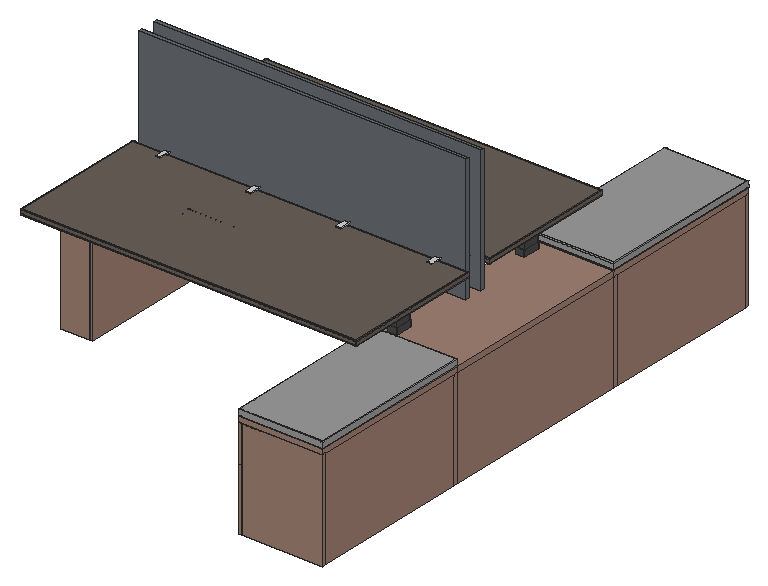
Revit family "OFS TYPICAL S200133", category Furniture, Revit 2022 (continued)
Definition of nested family "OFS ELEMENT OPEN L DESK LEFT AND RIGHT 84in Width 60in Return"
  Forms (in)
    Extrusion 6, solid, material <- "Standoffs Material", visible <- "Left Return Desk Option"
      sketch origin (66.75, 0, 0) x (1, 0, 0) y (0, 1, 0)
        loop
          circle (-27.375, 10.04085) r 0.625
      from 40.5 to 43.875
    Extrusion 7, solid, material <- "Standoffs Material", visible <- "Left Return Desk Option"
      sketch origin (66.75, -4.75, 0) x (1, 0, 0) y (0, 1, 0)
        loop
          circle (-27.375, 10.04085) r 0.625
      from 40.5 to 43.875
    Extrusion 8, solid, material <- "Chassis Material", visible <- "Left Return Desk Option"
      sketch origin (0, 0, 0) x (1, 0, 0) y (0, 1, 0)
        loop
          line (-42, -17.15625) -> (-42, -77.15625) -> (-20, -77.15625) -> (-20, -75.96875) -> (-40.8125, -75.96875) -> (-40.8125, -18.34375) -> (-20, -18.34375) -> (-20, -17.15625) -> (-42, -17.15625)
      from 0 to 40.5
    Extrusion 9, solid, material <- "Worksurface Material", visible <- "Left Return Desk Option"
      sketch origin (14.83926, -32.43958, 0) x (1, 0, 0) y (0, 1, 0)
        loop
          line (-55.65176, 14.09583) -> (-55.65176, -43.52917) -> (-34.83926, -43.52917) -> (-34.83926, 14.09583) -> (-55.65176, 14.09583)
      from 28.5 to 29.5
    Extrusion 10, solid, material <- "Desk Overlay Material", visible <- "Left Desk Overlay"
      sketch origin (0, 0, 0) x (1, 0, 0) y (0, 0, 1)
        loop
          line (35.5, 34) -> (6.5, 34) -> (6.5, 6.5) -> (35.5, 6.5) -> (35.5, 34)
      from -12.96875 to -12.84375
    Extrusion 11, solid, material <- "Chassis Material", visible <- "Left Return Desk Option"
      sketch origin (-18.5848, -3.95032, 0) x (1, 0, 0) y (0, 1, 0)
        loop
          line (19.7723, 15.60657) -> (18.5848, 15.60657) -> (18.5848, 3.95032) -> (19.7723, 3.95032) -> (19.7723, 15.60657)
      from 0 to 28.5
    Extrusion 12, solid, material <- "Paper Organizer Material", visible <- "Left Return Desk Option"
      sketch origin (0, 0, 0) x (1, 0, 0) y (0, 1, 0)
        loop
          line (-28.0625, -19.09375) -> (-28.0625, -18.34375) -> (-40.8125, -18.34375) -> (-40.8125, -75.96875) -> (-28.0625, -75.96875) -> (-28.0625, -75.21875) -> (-40.0625, -75.21875) -> (-40.0625, -19.09375) -> (-28.0625, -19.09375)
      from 34.125 to 40.5
    Extrusion 13, solid, material <- "Paper Organizer Material", visible <- "Left Return Desk Option"
      sketch origin (0, 0, 0) x (1, 0, 0) y (0, 1, 0)
        loop
          line (-40.8125, -18.34375) -> (-40.8125, -75.96875) -> (-28.0625, -75.96875) -> (-28.0625, -18.34375) -> (-40.8125, -18.34375)
      from 39.75 to 40.5
    Extrusion 14, solid, material <- "Paper Organizer Material", visible <- "Left Return Desk Option"
      sketch origin (0, 0, 0) x (1, 0, 0) y (0, 1, 0)
        loop
          line (-40.8125, -18.34375) -> (-40.8125, -75.96875) -> (-28.0625, -75.96875) -> (-28.0625, -18.34375) -> (-40.8125, -18.34375)
      from 34.125 to 34.875
    Extrusion 15, solid, material <- "Paper Organizer Material", visible <- "Left Return Desk Option"
      sketch origin (0, 0, 0) x (1, 0, 0) y (0, 1, 0)
        loop
          line (-40.0625, -32.625) -> (-40.0625, -32.875) -> (-28.8125, -32.875) -> (-28.8125, -32.625) -> (-40.0625, -32.625)
      from 34.875 to 39.75
    Extrusion 16, solid, material <- "Paper Organizer Material", visible <- "Left Return Desk Option"
      sketch origin (0, -11.40625, 0) x (1, 0, 0) y (0, 1, 0)
        loop
          line (-40.0625, -35.625) -> (-40.0625, -35.875) -> (-28.8125, -35.875) -> (-28.8125, -35.625) -> (-40.0625, -35.625)
      from 34.875 to 39.75
    Extrusion 17, solid, material <- "Paper Organizer Material", visible <- "Left Return Desk Option"
      sketch origin (0, -22.8125, 0) x (1, 0, 0) y (0, 1, 0)
        loop
          line (-40.0625, -38.625) -> (-40.0625, -38.875) -> (-28.8125, -38.875) -> (-28.8125, -38.625) -> (-40.0625, -38.625)
      from 34.875 to 39.75
    Extrusion 18, solid, material <- "Chassis Material", visible <- "Right Return Desk Option"
      sketch origin (0, 0, 0) x (-1, 0, 0) y (0, -1, 0)
        loop
          line (-42, 17.15625) -> (-20, 17.15625) -> (-20, 18.34375) -> (-40.8125, 18.34375) -> (-40.8125, 75.96875) -> (-20, 75.96875) -> (-20, 77.15625) -> (-42, 77.15625) -> (-42, 17.15625)
      from 0 to 40.5
    Extrusion 19, solid, material <- "Worksurface Material", visible <- "Right Return Desk Option"
      sketch origin (-14.83926, -32.43958, 0) x (-1, 0, 0) y (0, -1, 0)
        loop
          line (-55.65176, -14.09583) -> (-34.83926, -14.09583) -> (-34.83926, 43.52917) -> (-55.65176, 43.52917) -> (-55.65176, -14.09583)
      from 28.5 to 29.5
    Extrusion 20, solid, material <- "Paper Organizer Material", visible <- "Right Return Desk Option"
      sketch origin (0, 0, 0) x (-1, 0, 0) y (0, -1, 0)
        loop
          line (-28.0625, 19.09375) -> (-40.0625, 19.09375) -> (-40.0625, 75.21875) -> (-28.0625, 75.21875) -> (-28.0625, 75.96875) -> (-40.8125, 75.96875) -> (-40.8125, 18.34375) -> (-28.0625, 18.34375) -> (-28.0625, 19.09375)
      from 34.125 to 40.5
    Extrusion 21, solid, material <- "Paper Organizer Material", visible <- "Right Return Desk Option"
      sketch origin (0, 0, 0) x (-1, 0, 0) y (0, -1, 0)
        loop
          line (-40.8125, 18.34375) -> (-28.0625, 18.34375) -> (-28.0625, 75.96875) -> (-40.8125, 75.96875) -> (-40.8125, 18.34375)
      from 39.75 to 40.5
    Extrusion 22, solid, material <- "Paper Organizer Material", visible <- "Right Return Desk Option"
      sketch origin (0, 0, 0) x (-1, 0, 0) y (0, -1, 0)
        loop
          line (-40.8125, 18.34375) -> (-28.0625, 18.34375) -> (-28.0625, 75.96875) -> (-40.8125, 75.96875) -> (-40.8125, 18.34375)
      from 34.125 to 34.875
    Extrusion 23, solid, material <- "Paper Organizer Material", visible <- "Right Return Desk Option"
      sketch origin (0, 0, 0) x (-1, 0, 0) y (0, -1, 0)
        loop
          line (-40.0625, 32.625) -> (-28.8125, 32.625) -> (-28.8125, 32.875) -> (-40.0625, 32.875) -> (-40.0625, 32.625)
      from 34.875 to 39.75
    Extrusion 24, solid, material <- "Paper Organizer Material", visible <- "Right Return Desk Option"
      sketch origin (0, -11.40625, 0) x (-1, 0, 0) y (0, -1, 0)
        loop
          line (-40.0625, 35.625) -> (-28.8125, 35.625) -> (-28.8125, 35.875) -> (-40.0625, 35.875) -> (-40.0625, 35.625)
      from 34.875 to 39.75
    Extrusion 25, solid, material <- "Paper Organizer Material", visible <- "Right Return Desk Option"
      sketch origin (0, -22.8125, 0) x (-1, 0, 0) y (0, -1, 0)
        loop
          line (-40.0625, 38.625) -> (-28.8125, 38.625) -> (-28.8125, 38.875) -> (-40.0625, 38.875) -> (-40.0625, 38.625)
      from 34.875 to 39.75
    Extrusion 26, solid, material <- "Worksurface Material", visible <- "Right Return Desk Option"
      sketch origin (0, 0, 0) x (-1, 0, 0) y (0, -1, 0)
        loop
          line (-36, -11.65625) -> (40.8125, -11.65625) -> (40.8125, 17.15625) -> (-42, 17.15625) -> (-42, -5.65625)
          arc (-42, -5.65625) -> (-40.24264, -9.89889) -> (-36, -11.65625) r 6
      from 28.5 to 29.5
    Extrusion 27, solid, material <- "Chassis Material", visible <- "Right Return Desk Option"
      sketch origin (0, 0, 0) x (-1, 0, 0) y (0, -1, 0)
        loop
          line (42, -12.84375) -> (42, 17.15625) -> (40.8125, 17.15625) -> (40.8125, -11.65625) -> (0, -11.65625) -> (0, -12.84375) -> (42, -12.84375)
      from 0 to 40.5
    Extrusion 28, solid, material <- "Transaction Shelf Material", visible <- "Right Return Desk Option"
      sketch origin (0, 0, 6) x (-1, 0, 0) y (0, -1, 0)
        loop
          line (0, -17.15625) -> (42, -17.15625) -> (42, -3.65625) -> (0, -3.65625) -> (0, -17.15625)
      from 37.875 to 39
    Extrusion 29, solid, material <- "Standoffs Material", visible <- "Right Return Desk Option"
      sketch origin (-44.5, 0, 0) x (-1, 0, 0) y (0, -1, 0)
        loop
          circle (-41.875, -10.04085) r 0.625
      from 40.5 to 43.875
    Extrusion 30, solid, material <- "Standoffs Material", visible <- "Right Return Desk Option"
      sketch origin (-44.5, -4.75, 0) x (-1, 0, 0) y (0, -1, 0)
        loop
          circle (-41.875, -10.04085) r 0.625
      from 40.5 to 43.875
    Extrusion 31, solid, material <- "Standoffs Material", visible <- "Right Return Desk Option"
      sketch origin (-66.75, 0, 0) x (-1, 0, 0) y (0, -1, 0)
        loop
          circle (-27.375, -10.04085) r 0.625
      from 40.5 to 43.875
    Extrusion 32, solid, material <- "Standoffs Material", visible <- "Right Return Desk Option"
      sketch origin (-66.75, -4.75, 0) x (-1, 0, 0) y (0, -1, 0)
        loop
          circle (-27.375, -10.04085) r 0.625
      from 40.5 to 43.875
    Extrusion 33, solid, material <- "Chassis Material", visible <- "Right Return Desk Option"
      sketch origin (18.5848, -3.95032, 0) x (-1, 0, 0) y (0, -1, 0)
        loop
          line (19.7723, -15.60657) -> (19.7723, -3.95032) -> (18.5848, -3.95032) -> (18.5848, -15.60657) -> (19.7723, -15.60657)
      from 0 to 28.5
    Extrusion 34, solid, material <- "Chassis Material", visible <- "Right Return Desk Option"
      sketch origin (0, 0, 6) x (-1, 0, 0) y (0, -1, 0)
        loop
          line (0, -11.65625) -> (40.8125, -11.65625) -> (40.8125, -3.65625) -> (0, -3.65625) -> (0, -11.65625)
      from 33.375 to 34.5
    Extrusion 35, solid, material <- "Desk Overlay Material", visible <- "Right Desk Ovelay"
      sketch origin (0, 0, 0) x (-1, 0, 0) y (0, 0, -1)
        loop
          line (35.5, -34) -> (35.5, -6.5) -> (6.5, -6.5) -> (6.5, -34) -> (35.5, -34)
      from -12.96875 to -12.84375
    Extrusion 36, solid, material <- "Worksurface Material", visible <- "Left Return Desk Option"
      sketch origin (0, 0, 0) x (1, 0, 0) y (0, 1, 0)
        loop
          arc (-36, 11.65625) -> (-40.24264, 9.89889) -> (-42, 5.65625) r 6
          line (-42, 5.65625) -> (-42, -17.15625) -> (40.8125, -17.15625) -> (40.8125, 11.65625) -> (-36, 11.65625)
      from 28.5 to 29.5
  Cuts and joins
    joined: Extrusion 12, Extrusion 13, Extrusion 14
    joined: Extrusion 20, Extrusion 21, Extrusion 22
  Dimensions and locks (in)
    equal spacing: plane 7 "Left External", plane 3 "Center Left/Right", plane 5 "Right External"
    "Width": plane 7 "Left External" to plane 5 "Right External"
    equal spacing: plane 6 "Front External", plane 1 "Center Front/Back", plane 4 "Back External"
    "Desk Depth": plane 4 "Back External" to plane 6 "Front External"
    plane 8 "Seat Height" to level = 29 1/2"
    "Height": plane 9 "Height" to level
    "Lateral Board Thickness": plane 7 "Left External" to plane 11
    "Lateral Board Thickness": plane 10 to plane 5 "Right External"
    "Base Depth": plane 12 to plane 6 "Front External"
    "Back Board Thickness": plane 12 to plane 13
    "Table Depth": plane 4 "Back External" to plane 14
    plane 15 to level = 40 1/2"
    "Bottom Board Offset": plane 19 to level
    "Table Supp from Lateral": plane 5 "Right External" to plane 20
    "Table Supp from Lateral": plane 21 to plane 3 "Center Left/Right"
    "Desk Overlay": plane 5 "Right External" to plane 22
    "Desk Overlay": plane 24 to plane 15
    "Desk Overlay": plane 19 to plane 23
    "Desk Overlay Thickness": plane 25 to plane 12
    "Depth": plane 4 "Back External" to plane 26
    "Return Worksurface Width": plane 7 "Left External" to plane 27
    "Return Worksurface Width": plane 28 to plane 5 "Right External"
    "Back Board Thickness": plane 29 to plane 26
    plane 7 "Left External" to plane 30 = 5"
    plane 31 to plane 5 "Right External" = 5"
    equal spacing: plane 34, plane 43, plane 32, plane 42, plane 29
    "Desk Overlay": plane 33 to plane 3 "Center Left/Right"
    "Back Board Thickness": plane 6 "Front External" to plane 34
    "Paper Organizer Board Thickness": plane 34 to plane 37
    "Paper Organizer Board Thickness": plane 11 to plane 36
    "Paper Organizer Board Thickness": plane 35 to plane 29
    "Paper Organizer Depth": plane 11 to plane 38
    "Paper Organizer Clearance": plane 39 to plane 8 "Seat Height"
    "Paper Organizer Board Thickness": plane 15 to plane 40
    "Paper Organizer Board Thickness": plane 41 to plane 39
    "Paper Organizer Board Thickness": plane 44 to plane 38
    "Return Worksurface Width": plane 5 "Right External" to plane 45
    plane 29 to plane 26 = 1 3/16"
    plane 5 "Right External" to plane 46 = 5"
    plane 34 to plane 50 to plane 32 to plane 49 to plane 29 = 14 13/32", 14 13/32", 14 13/32", 14 13/32"
    "Paper Organizer Board Thickness": plane 34 to plane 47
    plane 35 to plane 29 = 3/4"
    "Paper Organizer Depth": plane 10 to plane 48
    "Paper Organizer Board Thickness": plane 51 to plane 48
    "Table Supp from Lateral": plane 53 to plane 3 "Center Left/Right"
    "Table Supp from Lateral": plane 7 "Left External" to plane 52
    locked: plane 7 "Left External" to plane 54 at 6.5
    aligned and locked: level to plane 2
    aligned and locked: Extrusion 1 sketch curve to plane 12
    aligned and locked: plane 5 "Right External" to Extrusion 1 sketch curve
    aligned and locked: Extrusion 1 sketch curve to plane 13
    aligned and locked: Extrusion 1 to plane 19
    aligned and locked: Extrusion 2 to plane 18
    aligned and locked: plane 10 to Extrusion 2
    aligned and locked: Extrusion 2 to plane 13
    aligned and locked: Extrusion 2 to plane 14
    aligned and locked: Extrusion 3 to plane 14
    aligned and locked: Extrusion 3 to plane 4 "Back External"
    aligned and locked: Extrusion 3 to plane 9 "Height"
    aligned and locked: Extrusion 3 to plane 17
    aligned and locked: plane 5 "Right External" to Extrusion 3
    aligned and locked: Extrusion 8 sketch curve to plane 29
    aligned and locked: plane 27 to Extrusion 8 sketch curve
    aligned and locked: plane 26 to Extrusion 8 sketch curve
    aligned and locked: Extrusion 8 sketch curve to plane 6 "Front External"
    aligned and locked: plane 11 to Extrusion 9
    aligned and locked: Extrusion 9 to plane 27
    aligned and locked: Extrusion 9 to plane 29
    aligned and locked: Extrusion 8 to plane 19
    aligned and locked: plane 15 to Extrusion 8
    aligned and locked: Extrusion 3 to plane 3 "Center Left/Right"
    aligned and locked: Extrusion 2 to plane 3 "Center Left/Right"
    aligned and locked: Extrusion 10 to plane 33
    aligned and locked: Extrusion 10 to plane 22
    aligned and locked: Extrusion 8 sketch curve to plane 34
    aligned and locked: Extrusion 9 to Extrusion 8 sketch curve
    aligned and locked: Extrusion 9 to Extrusion 8
    aligned and locked: plane 37 to Extrusion 12 sketch curve
    aligned and locked: plane 36 to Extrusion 12 sketch curve
    aligned and locked: Extrusion 12 sketch curve to plane 35
    aligned and locked: Extrusion 12 sketch curve to Extrusion 8  (x3)
    aligned and locked: plane 38 to Extrusion 12 sketch curve  (x2)
    aligned and locked: plane 15 to Extrusion 12
    aligned and locked: Extrusion 12 to plane 39
    aligned and locked: Extrusion 13 sketch curve to Extrusion 8  (x2)
    aligned and locked: Extrusion 13 sketch curve to Extrusion 12  (x2)
    aligned and locked: Extrusion 13 to plane 40
    aligned and locked: plane 15 to Extrusion 13
    aligned and locked: Extrusion 14 sketch curve to Extrusion 8  (x2)
    aligned and locked: plane 29 to Extrusion 14 sketch curve
    aligned and locked: Extrusion 14 sketch curve to plane 38
    aligned and locked: Extrusion 14 to plane 39
    aligned and locked: plane 41 to Extrusion 14
    aligned and locked: Extrusion 15 to plane 41
    aligned and locked: Extrusion 16 to plane 41
    aligned and locked: Extrusion 17 to plane 41
    aligned and locked: plane 40 to Extrusion 15
    aligned and locked: plane 40 to Extrusion 16
    aligned and locked: plane 40 to Extrusion 17
    aligned and locked: plane 29 to Extrusion 18 sketch curve
    aligned and locked: plane 45 to Extrusion 18 sketch curve
    aligned and locked: Extrusion 18 sketch curve to plane 26
    aligned and locked: plane 45 to Extrusion 19
    aligned and locked: plane 29 to Extrusion 19
    aligned and locked: Extrusion 18 sketch curve to plane 34
    aligned and locked: Extrusion 19 to Extrusion 18 sketch curve
    aligned and locked: Extrusion 18 to Extrusion 19
    aligned and locked: Extrusion 20 sketch curve to plane 47
    aligned and locked: plane 35 to Extrusion 20 sketch curve
    aligned and locked: Extrusion 18 to Extrusion 20 sketch curve
    aligned and locked: Extrusion 20 sketch curve to Extrusion 18  (x2)
    aligned and locked: Extrusion 20 sketch curve to plane 48
    aligned and locked: plane 48 to Extrusion 20 sketch curve
    aligned and locked: Extrusion 21 sketch curve to Extrusion 18  (x2)
    aligned and locked: Extrusion 21 sketch curve to Extrusion 20  (x2)
    aligned and locked: Extrusion 22 sketch curve to Extrusion 18  (x2)
    aligned and locked: Extrusion 22 sketch curve to plane 29
    aligned and locked: plane 48 to Extrusion 22 sketch curve
    aligned and locked: Extrusion 26 to Extrusion 27 sketch curve
    aligned and locked: Extrusion 27 sketch curve to Extrusion 26
    aligned and locked: Extrusion 26 to Extrusion 33
    aligned and locked: plane 55 to Extrusion 35
    aligned and locked: plane 54 to Extrusion 35
  Automatic sketch dimensions
    Extrusion 1 sketch curve to plane 3 "Center Left/Right" = 0"
    plane 6 "Front External" to Extrusion 1 sketch curve = 0"
    Extrusion 1 sketch curve to plane 10 = 0"
    Extrusion 2 sketch curve to plane 3 "Center Left/Right" = 0"
    Extrusion 2 sketch curve to plane 10 = 0"
    Extrusion 2 sketch curve to plane 14 = 0"
    Extrusion 2 sketch curve to plane 13 = 0"
    Extrusion 3 sketch curve to plane 3 "Center Left/Right" = 0"
    Extrusion 3 sketch curve to plane 5 "Right External" = 0"
    Extrusion 3 sketch curve to plane 14 = 0"
    Extrusion 3 sketch curve to plane 4 "Back External" = 0"
    Extrusion 4 sketch curve to plane 21 = 0"
    Extrusion 4 sketch curve to plane 13 = 1.6154"
    Extrusion 5 sketch curve to plane 21 = 0"
    plane 14 to Extrusion 5 sketch curve = 1.6346"
    Extrusion 6 sketch curve to plane 20 = 0"
    Extrusion 6 sketch curve to plane 13 = 1.6154"
    Extrusion 7 sketch curve to plane 20 = 0"
    plane 14 to Extrusion 7 sketch curve = 1.6346"
    Extrusion 8 sketch curve to plane 7 "Left External" = 0"
    Extrusion 8 sketch curve to plane 11 = 0"
    Extrusion 9 sketch curve to plane 11 = 0"
    Extrusion 9 sketch curve to plane 27 = 0"
    Extrusion 9 sketch curve to plane 29 = 0"
    Extrusion 9 sketch curve to plane 34 = 0"
    Extrusion 10 sketch curve to plane 24 = 0"
    Extrusion 10 sketch curve to plane 33 = 0"
    plane 22 to Extrusion 10 sketch curve = 0"
    Extrusion 10 sketch curve to plane 23 = 0"
    Extrusion 11 sketch curve to plane 3 "Center Left/Right" = 0"
    plane 1 "Center Front/Back" to Extrusion 11 sketch curve = 0"
    Extrusion 11 sketch curve to plane 13 = 0"
    Extrusion 11 sketch curve to Extrusion 11 sketch curve = 1 3/16"
    Extrusion 12 sketch curve to plane 37 = 0"
    Extrusion 15 sketch curve to plane 36 = 0"
    Extrusion 15 sketch curve to plane 44 = 0"
    Extrusion 15 sketch curve to plane 43 = 1/8"
    plane 43 to Extrusion 15 sketch curve = 1/8"
    Extrusion 16 sketch curve to plane 36 = 0"
    Extrusion 16 sketch curve to plane 44 = 0"
    Extrusion 16 sketch curve to plane 32 = 1/8"
    plane 32 to Extrusion 16 sketch curve = 1/8"
    Extrusion 17 sketch curve to plane 36 = 0"
    Extrusion 17 sketch curve to plane 44 = 0"
    Extrusion 17 sketch curve to plane 42 = 1/8"
    plane 42 to Extrusion 17 sketch curve = 1/8"
    Extrusion 18 sketch curve to plane 5 "Right External" = 0"
    Extrusion 18 sketch curve to plane 10 = 0"
    Extrusion 18 sketch curve to plane 6 "Front External" = 0"
    Extrusion 19 sketch curve to plane 10 = 0"
    Extrusion 19 sketch curve to plane 28 = 0"
    Extrusion 19 sketch curve to plane 29 = 0"
    plane 34 to Extrusion 19 sketch curve = 0"
    plane 37 to Extrusion 20 sketch curve = 0"
    plane 20 to Extrusion 20 sketch curve = 11/16"
    Extrusion 23 sketch curve to plane 51 = 0"
    plane 43 to Extrusion 23 sketch curve = 1/8"
    Extrusion 23 sketch curve to plane 43 = 1/8"
    plane 20 to Extrusion 23 sketch curve = 11/16"
    Extrusion 24 sketch curve to plane 51 = 0"
    plane 32 to Extrusion 24 sketch curve = 1/8"
    Extrusion 24 sketch curve to plane 32 = 1/8"
    plane 20 to Extrusion 24 sketch curve = 11/16"
    Extrusion 25 sketch curve to plane 51 = 0"
    plane 42 to Extrusion 25 sketch curve = 1/8"
    Extrusion 25 sketch curve to plane 42 = 1/8"
    plane 20 to Extrusion 25 sketch curve = 11/16"
    Extrusion 26 sketch curve to plane 5 "Right External" = 0"
    Extrusion 26 sketch curve to plane 13 = 0"
    Extrusion 26 sketch curve to plane 11 = 0"
    Extrusion 26 sketch curve to plane 6 "Front External" = 0"
    plane 22 to Extrusion 26 sketch curve = 1/2"
    Extrusion 27 sketch curve to plane 3 "Center Left/Right" = 0"
    Extrusion 27 sketch curve to plane 7 "Left External" = 0"
    Extrusion 27 sketch curve to plane 13 = 0"
    Extrusion 27 sketch curve to plane 12 = 0"
    Extrusion 28 sketch curve to plane 3 "Center Left/Right" = 0"
    Extrusion 28 sketch curve to plane 7 "Left External" = 0"
    Extrusion 28 sketch curve to plane 4 "Back External" = 0"
    Extrusion 28 sketch curve to plane 14 = 0"
    Extrusion 29 sketch curve to plane 53 = 0"
    plane 13 to Extrusion 29 sketch curve = 1.6154"
    Extrusion 30 sketch curve to plane 53 = 0"
    Extrusion 30 sketch curve to plane 14 = 1.6346"
    Extrusion 31 sketch curve to plane 52 = 0"
    plane 13 to Extrusion 31 sketch curve = 1.6154"
    Extrusion 32 sketch curve to plane 52 = 0"
    Extrusion 32 sketch curve to plane 14 = 1.6346"
    Extrusion 33 sketch curve to plane 3 "Center Left/Right" = 0"
    plane 1 "Center Front/Back" to Extrusion 33 sketch curve = 0"
    Extrusion 33 sketch curve to plane 13 = 0"
    Extrusion 33 sketch curve to Extrusion 33 sketch curve = 1 3/16"
    Extrusion 34 sketch curve to plane 3 "Center Left/Right" = 0"
    Extrusion 34 sketch curve to plane 11 = 0"
    Extrusion 34 sketch curve to plane 13 = 0"
    Extrusion 34 sketch curve to plane 14 = 0"
    Extrusion 35 sketch curve to plane 24 = 0"
    plane 55 to Extrusion 35 sketch curve = 0"
    Extrusion 35 sketch curve to plane 23 = 0"
    plane 54 to Extrusion 35 sketch curve = 0"
    Extrusion 36 sketch curve to plane 7 "Left External" = 0"
    Extrusion 36 sketch curve to plane 13 = 0"
    Extrusion 36 sketch curve to plane 10 = 0"
    plane 6 "Front External" to Extrusion 36 sketch curve = 0"
    Extrusion 36 sketch curve to plane 54 = 1/2"
    radius of Extrusion 4 sketch curve = 5/8"
    radius of Extrusion 5 sketch curve = 5/8"
    radius of Extrusion 6 sketch curve = 5/8"
    radius of Extrusion 7 sketch curve = 5/8"
    radius of Extrusion 29 sketch curve = 5/8"
    radius of Extrusion 30 sketch curve = 5/8"
    radius of Extrusion 31 sketch curve = 5/8"
    radius of Extrusion 32 sketch curve = 5/8"
Types (3): name | Model | Description
  (no name) | "S200133" | "OFS TYPICAL S200133"
  T200133 | "T200133" | "OFS TYPICAL T200133"
  S200133 | "S200133" | "OFS TYPICAL S200133"
